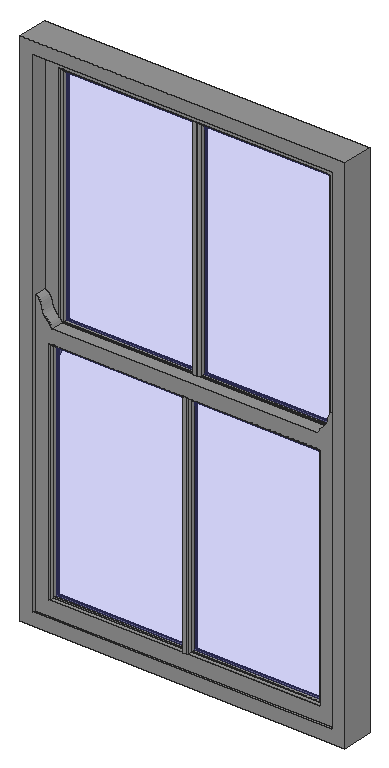
Revit family "HMS4V", category Windows, host Wall, Revit 2015
Parameters (values of type "HMS4V")
  Height = 1775 mm
  Default Lintel Height = 2100 mm
  Wall Closure = By host
  Width = 1100 mm
Reference planes
  plane 1 "Center (Front/Back)": y = 0
  plane 2 "Center (Left/Right)": x = 0
  plane 3 "Left": x = -550
  plane 4 "Right": x = 550
  plane 5 "Sill": z = 325
  plane 6 "Head": z = 2100
  plane 7 "Exterior": y = 100
  plane 8 "Interior": y = -100
  plane 9: y = -28.5
  plane 10: y = 23.5
  plane 11: z = 1212.5
  plane 12: z = 1241
  plane 13: z = 1184
Forms (mm)
  Sweep 1, solid, material "Lauan, Meranti"
    path origin (-10500, 23.5, 2100) x (0, 0, -1) y (-1, 0, 0)
      loop
        line (0, -11050) -> (1775, -11050) -> (1775, -9950) -> (0, -9950) -> (0, -11050)
    profile origin (0, 23.5, 2100) x (0, 0, 1) y (0, 1, 0)
      loop
        line (0, 29) -> (-42, 29) -> (-42, -76) -> (0, -76) -> (0, 29)
  Extrusion 2, solid, material "Lauan, Meranti"
    sketch origin (-10500, 0, 1675) x (0, 0, -1) y (-1, 0, 0)
      loop
        line (491, -10951) -> (491, -11008) -> (576, -11008)
        spline (576, -11008) -> (568.022, -10995.331) -> (558.494, -10988.581) -> (548.752, -10985.386) -> (540.116, -10983.399) -> (533.202, -10981.197) -> (527.644, -10978.636) -> (523.005, -10975.669) -> (518.783, -10972.149) -> (514.297, -10967.644) -> (508.83, -10961.691) -> (501.472, -10955.147) -> (491, -10951)
      loop
        spline (491, -10049) -> (501.472, -10044.853) -> (508.83, -10038.309) -> (514.297, -10032.356) -> (518.783, -10027.851) -> (523.005, -10024.331) -> (527.644, -10021.364) -> (533.202, -10018.803) -> (540.116, -10016.601) -> (548.752, -10014.614) -> (558.494, -10011.419) -> (568.022, -10004.669) -> (576, -9992)
        line (576, -9992) -> (491, -9992) -> (491, -10049)
    from 0 to 42
  Extrusion 3, solid, material "Lauan, Meranti"
    sketch origin (-10500, -42, 750) x (0, 0, 1) y (1, 0, 0)
      loop
        spline (491, 10951) -> (501.472, 10955.147) -> (508.83, 10961.691) -> (514.297, 10967.644) -> (518.783, 10972.149) -> (523.005, 10975.669) -> (527.644, 10978.636) -> (533.202, 10981.197) -> (540.116, 10983.399) -> (548.752, 10985.386) -> (558.494, 10988.581) -> (568.022, 10995.331) -> (576, 11008)
        line (576, 11008) -> (491, 11008) -> (491, 10951)
      loop
        line (491, 10049) -> (491, 9992) -> (576, 9992)
        spline (576, 9992) -> (568.022, 10004.669) -> (558.494, 10011.419) -> (548.752, 10014.614) -> (540.116, 10016.601) -> (533.202, 10018.803) -> (527.644, 10021.364) -> (523.005, 10024.331) -> (518.783, 10027.851) -> (514.297, 10032.356) -> (508.83, 10038.309) -> (501.472, 10044.853) -> (491, 10049)
    from 0 to 42
  Sweep 4, solid, material "Lauan, Meranti"
    path origin (-10670.807, 23.5, 1358.046) x (0, 0, -1) y (-1, 0, 0)
      loop
        line (117.046, -11178.807) -> (991.046, -11178.807) -> (991.046, -10162.807) -> (117.046, -10162.807) -> (117.046, -11178.807)
    profile origin (0, 23.5, 1241) x (0, 0, 1) y (0, 1, 0)
      loop
        line (0, -65.5) -> (0, -23.5) -> (-48, -23.5) -> (-48, -48.5) -> (-57, -48.5) -> (-57, -56.499) -> (-53.996, -56.499)
        arc (-53.996, -56.499) -> (-52.238, -60.744) -> (-47.994, -62.502) r 6.002
        line (-47.994, -62.502) -> (-47.994, -65.5) -> (0, -65.5)
  Sweep 5, solid, material "Lauan, Meranti"
    path origin (-10671.629, 23.5, 1894.103) x (0, 0, -1) y (-1, 0, 0)
      loop
        line (-163.897, -11179.629) -> (710.103, -11179.629) -> (710.103, -10163.629) -> (-163.897, -10163.629) -> (-163.897, -11179.629)
    profile origin (0, 23.5, 2058) x (0, 0, 1) y (0, 1, 0)
      loop
        line (-48, 18.5) -> (-48, -6.5) -> (-57, -6.5) -> (-57, -14.499) -> (-53.996, -14.499)
        arc (-53.996, -14.499) -> (-52.238, -18.744) -> (-47.994, -20.502) r 6.002
        line (-47.994, -20.502) -> (-47.994, -23.5) -> (0, -23.5) -> (0, 18.5) -> (-48, 18.5)
  Extrusion 6, solid, material "Lauan, Meranti"
    sketch origin (0, -23.5, -464.994) x (1, 0, 0) y (0, 1, 0)
      loop
        line (-6.5, 23.5) -> (-6.5, -1.5) -> (-15.5, -1.5) -> (-15.5, -9.5) -> (-12.5, -9.5)
        arc (-12.5, -9.5) -> (-10.743, -13.743) -> (-6.5, -15.5) r 6
        line (-6.5, -15.5) -> (-6.5, -18.5) -> (6.5, -18.5) -> (6.5, -15.5)
        arc (6.5, -15.5) -> (10.743, -13.743) -> (12.5, -9.5) r 6
        line (12.5, -9.5) -> (15.5, -9.5) -> (15.5, -1.5) -> (6.5, -1.5) -> (6.5, 23.5) -> (-6.5, 23.5)
    from 879.987 to 1658
  Extrusion 7, solid, material "Lauan, Meranti"
    sketch origin (0, 18.5, 42) x (1, 0, 0) y (0, 1, 0)
      loop
        line (-6.5, 23.5) -> (-6.5, -1.5) -> (-15.5, -1.5) -> (-15.5, -9.5) -> (-12.5, -9.5)
        arc (-12.5, -9.5) -> (-10.743, -13.743) -> (-6.5, -15.5) r 6
        line (-6.5, -15.5) -> (-6.5, -18.5) -> (6.5, -18.5) -> (6.5, -15.5)
        arc (6.5, -15.5) -> (10.743, -13.743) -> (12.5, -9.5) r 6
        line (12.5, -9.5) -> (15.5, -9.5) -> (15.5, -1.5) -> (6.5, -1.5) -> (6.5, 23.5) -> (-6.5, 23.5)
    from 1190 to 1968
  Sweep 8, solid, material "Lauan, Meranti"
    path origin (-463.766, 100, -560.916) x (1, 0, 0) y (0, 0, 1)
      loop
        line (457.266, 2570.916) -> (3.766, 2570.916) -> (3.766, 1792.916) -> (457.266, 1792.916) -> (457.266, 2570.916)
    profile origin (-233.25, 100, 2010) x (0, 0, -1) y (0, -1, 0)
      loop
        arc (0, 68.6) -> (4.67, 70.234) -> (7, 74.6) r 6.807
        line (7, 74.6) -> (9, 74.6) -> (9, 76.6) -> (0, 76.6) -> (0, 68.6)
  Sweep 9, solid, material "Lauan, Meranti"
    path origin (-355.883, 100, -1134.948) x (1, 0, 0) y (0, 0, 1)
      loop
        line (349.383, 2327.954) -> (-104.123, 2327.954) -> (-104.123, 1549.942) -> (349.383, 1549.942) -> (349.383, 2327.954)
    profile origin (-233.253, 100, 1193.006) x (0, 0, -1) y (0, -1, 0)
      loop
        arc (0, 110.6) -> (4.67, 112.234) -> (7, 116.6) r 6.807
        line (7, 116.6) -> (9, 116.6) -> (9, 118.6) -> (0, 118.6) -> (0, 110.6)
  Sweep 10, solid, material "Lauan, Meranti"
    path origin (463.766, 100, -560.916) x (-1, 0, 0) y (0, 0, -1)
      loop
        line (457.266, -2570.916) -> (457.266, -1792.916) -> (3.766, -1792.916) -> (3.766, -2570.916) -> (457.266, -2570.916)
    profile origin (233.25, 100, 2010) x (0, 0, 1) y (0, -1, 0)
      loop
        line (0, 68.6) -> (0, 76.6) -> (-9, 76.6) -> (-9, 74.6) -> (-7, 74.6)
        arc (-7, 74.6) -> (-4.67, 70.234) -> (0, 68.6) r 6.807
  Sweep 11, solid, material "Lauan, Meranti"
    path origin (355.883, 100, -1134.948) x (-1, 0, 0) y (0, 0, -1)
      loop
        line (349.383, -2327.954) -> (349.383, -1549.942) -> (-104.123, -1549.942) -> (-104.123, -2327.954) -> (349.383, -2327.954)
    profile origin (233.253, 100, 1193.006) x (0, 0, 1) y (0, -1, 0)
      loop
        line (0, 110.6) -> (0, 118.6) -> (-9, 118.6) -> (-9, 116.6) -> (-7, 116.6)
        arc (-7, 116.6) -> (-4.67, 112.234) -> (0, 110.6) r 6.807
  Extrusion 12, solid, material "Glass"
    sketch origin (-10697.216, 17, 1835.091) x (0, 0, -1) y (-1, 0, 0)
      loop
        line (-174.909, -11157.216) -> (603.091, -11157.216) -> (603.091, -10703.716) -> (-174.909, -10703.716) -> (-174.909, -11157.216)
      loop
        line (-174.909, -10690.716) -> (603.091, -10690.716) -> (603.091, -10237.216) -> (-174.909, -10237.216) -> (-174.909, -10690.716)
    from 0 to 6.4
  Extrusion 13, solid, material "Glass"
    sketch origin (-10712.117, -25, 1057.245) x (0, 0, -1) y (-1, 0, 0)
      loop
        line (-135.762, -11172.123) -> (642.251, -11172.123) -> (642.251, -10718.617) -> (-135.762, -10718.617) -> (-135.762, -11172.123)
      loop
        line (-135.762, -10705.617) -> (642.251, -10705.617) -> (642.251, -10252.11) -> (-135.762, -10252.11) -> (-135.762, -10705.617)
    from 0 to 6.4
Cuts and joins
  joined: Extrusion 3, Sweep 4
  joined: Extrusion 2, Sweep 5
Lines and regions (mm)
  Opening 1
    outline origin (3500, -100, 0) x (1, 0, 0) y (0, 0, 1)
      loop
        line (-2950, 325) -> (-2950, 2100) -> (-4050, 2100) -> (-4050, 325) -> (-2950, 325)
  model lines
    curve 1: line (508, 42, 2058) -> (0, 42, 1184)
    curve 2: line (-508, 42, 2058) -> (0, 42, 1184)
Text (mm)
  text "EXTERIOR" at (-1963.203, 1332.353, 0), in view "Ref. Level"
  text "INTERIOR" at (-1981.466, -818.386, 0), in view "Ref. Level"
  text "Exterior" at (0, 923.751, 2943.296), in view "Right"
  text "Exterior" at (0, 1040.484, 2685.409), in view "Left"
Dimensions and locks
  equal spacing: plane 3 "Left", plane 2 "Center (Left/Right)", plane 4 "Right"
  "Width": plane 3 "Left" to plane 4 "Right"
  "Height": plane 5 "Sill" to plane 6 "Head"
  "Default Lintel Height": plane 6 "Head" to level
  locked: plane 7 "Exterior" to host wall at 0
  locked: plane 8 "Interior" to host wall
  locked: plane 10 to plane 9 at 52
  plane 3 "Left" to plane 4 "Right" = 1100 mm
  aligned and locked: Sweep 1 sketch curve to host wall  (x4)
  aligned and locked: Sweep 4 sketch curve to plane 12
  aligned and locked: plane 13 to Sweep 5 sketch curve
  aligned and locked: Sweep 9 sketch curve to Extrusion 6
  aligned and locked: Sweep 8 sketch curve to Extrusion 7
  aligned and locked: Extrusion 6 to cut or joined group of Extrusion 3, Sweep 4
  aligned and locked: Extrusion 7 to cut or joined group of Extrusion 2, Sweep 5
  aligned and locked: Sweep 8 sketch curve to cut or joined group of Extrusion 2, Sweep 5
  aligned and locked: cut or joined group of Extrusion 2, Sweep 5 to Sweep 10 sketch curve
  aligned and locked: Sweep 9 sketch curve to cut or joined group of Extrusion 3, Sweep 4
  aligned and locked: Sweep 11 sketch curve to cut or joined group of Extrusion 3, Sweep 4
  aligned and locked: Extrusion 12 sketch curve to Extrusion 12 sketch curve
  aligned and locked: Extrusion 13 sketch curve to Extrusion 13 sketch curve  (x2)
  aligned and locked: Extrusion 13 to cut or joined group of Extrusion 3, Sweep 4
  aligned and locked: Extrusion 12 to cut or joined group of Extrusion 2, Sweep 5
Automatic sketch dimensions
  plane 3 "Left" to Opening 1 sketch curve = 0 mm
  plane 4 "Right" to Opening 1 sketch curve = 0 mm
  Opening 1 sketch curve to plane 5 "Sill" = 0 mm
  Opening 1 sketch curve to plane 6 "Head" = 0 mm
  profile plane to Sweep 1 sketch curve = 0 mm
  profile plane to Sweep 1 sketch curve = 42 mm
  Sweep 1 sketch curve to plane 10 = 76 mm
  plane 10 to Sweep 1 sketch curve = 29 mm
  plane 2 "Center (Left/Right)" to curve 1 = 0 mm
  curve 1 to plane 13 = 0 mm
  curve 2 to plane 3 "Left" = 42 mm
  plane 4 "Right" to curve 1 = 42 mm
  plane 6 "Head" to curve 2 = 42 mm
  plane 6 "Head" to curve 1 = 42 mm
  Extrusion 2 sketch curve to plane 13 = 0 mm  (x2)
  Extrusion 2 sketch curve to plane 3 "Left" = 42 mm
  Extrusion 2 sketch curve to plane 13 = 85 mm  (x2)
  plane 4 "Right" to Extrusion 2 sketch curve = 42 mm
  Extrusion 2 sketch curve to Extrusion 2 sketch curve = 57 mm  (x2)
  Extrusion 3 sketch curve to plane 12 = 0 mm  (x2)
  Extrusion 3 sketch curve to plane 3 "Left" = 42 mm
  plane 12 to Extrusion 3 sketch curve = 85 mm  (x2)
  plane 4 "Right" to Extrusion 3 sketch curve = 42 mm
  Extrusion 3 sketch curve to Extrusion 3 sketch curve = 57 mm  (x2)
  Sweep 4 sketch curve to plane 5 "Sill" = 42 mm
  plane 4 "Right" to Sweep 4 sketch curve = 42 mm
  Sweep 4 sketch curve to plane 3 "Left" = 42 mm
  profile plane to Sweep 4 sketch curve = 0 mm
  Sweep 4 sketch curve to Sweep 4 sketch curve = 47.994 mm
  Sweep 4 sketch curve to Sweep 4 sketch curve = 0.006 mm
  Sweep 4 sketch curve to Sweep 4 sketch curve = 6.002 mm
  Sweep 4 sketch curve to Sweep 4 sketch curve = 3.004 mm
  Sweep 4 sketch curve to profile plane = 65.5 mm
  Sweep 4 sketch curve to Sweep 4 sketch curve = 2.998 mm
  Sweep 4 sketch curve to Sweep 4 sketch curve = 7.999 mm
  Sweep 4 sketch curve to profile plane = 23.5 mm
  plane 6 "Head" to Sweep 5 sketch curve = 42 mm
  plane 4 "Right" to Sweep 5 sketch curve = 42 mm
  Sweep 5 sketch curve to plane 3 "Left" = 42 mm
  profile plane to Sweep 5 sketch curve = 0 mm
  Sweep 5 sketch curve to profile plane = 23.5 mm
  profile plane to Sweep 5 sketch curve = 47.994 mm
  Sweep 5 sketch curve to Sweep 5 sketch curve = 0.006 mm
  Sweep 5 sketch curve to Sweep 5 sketch curve = 6.002 mm
  Sweep 5 sketch curve to Sweep 5 sketch curve = 3.004 mm
  Sweep 5 sketch curve to Sweep 5 sketch curve = 2.998 mm
  Sweep 5 sketch curve to profile plane = 6.5 mm
  profile plane to Sweep 5 sketch curve = 18.5 mm
  host wall to Extrusion 6 sketch curve = 0 mm
  Extrusion 6 sketch curve to plane 9 = 4.5 mm
  plane 2 "Center (Left/Right)" to Extrusion 6 sketch curve = 15.5 mm
  Extrusion 6 sketch curve to Extrusion 6 sketch curve = 3 mm  (x3)
  plane 2 "Center (Left/Right)" to Extrusion 6 sketch curve = 6.5 mm  (x2)
  Extrusion 6 sketch curve to plane 2 "Center (Left/Right)" = 6.5 mm  (x2)
  Extrusion 6 sketch curve to Extrusion 6 sketch curve = 6 mm
  plane 9 to Extrusion 6 sketch curve = 3.5 mm  (x2)
  Extrusion 6 sketch curve to plane 9 = 10.5 mm
  host wall to Extrusion 7 sketch curve = 0 mm
  plane 2 "Center (Left/Right)" to Extrusion 7 sketch curve = 15.5 mm
  Extrusion 7 sketch curve to Extrusion 7 sketch curve = 3 mm  (x3)
  plane 2 "Center (Left/Right)" to Extrusion 7 sketch curve = 6.5 mm  (x2)
  Extrusion 7 sketch curve to host wall = 3 mm
  Extrusion 7 sketch curve to plane 2 "Center (Left/Right)" = 6.5 mm  (x2)
  Extrusion 7 sketch curve to Extrusion 7 sketch curve = 6 mm
  Extrusion 7 sketch curve to plane 10 = 6.5 mm  (x2)
  plane 10 to Extrusion 7 sketch curve = 18.5 mm
  Sweep 8 sketch curve to plane 12 = 9 mm
  Sweep 8 sketch curve to plane 3 "Left" = 90 mm
  Sweep 8 sketch curve to profile plane = 0 mm
  Sweep 8 sketch curve to profile plane = 0.241 mm
  Sweep 8 sketch curve to Sweep 8 sketch curve = 6.759 mm
  Sweep 8 sketch curve to Sweep 8 sketch curve = 2 mm  (x2)
  profile plane to Sweep 8 sketch curve = 68.6 mm
  Sweep 8 sketch curve to Sweep 8 sketch curve = 6 mm
  Sweep 9 sketch curve to plane 3 "Left" = 89.994 mm
  plane 13 to Sweep 9 sketch curve = 9.006 mm
  Sweep 9 sketch curve to profile plane = 0 mm
  Sweep 9 sketch curve to profile plane = 0.241 mm
  Sweep 9 sketch curve to Sweep 9 sketch curve = 6.759 mm
  Sweep 9 sketch curve to Sweep 9 sketch curve = 2 mm  (x2)
  profile plane to Sweep 9 sketch curve = 110.6 mm
  Sweep 9 sketch curve to Sweep 9 sketch curve = 6 mm
  plane 4 "Right" to Sweep 10 sketch curve = 90 mm
  Sweep 10 sketch curve to plane 2 "Center (Left/Right)" = 6.5 mm
  Sweep 10 sketch curve to plane 12 = 9 mm
  profile plane to Sweep 10 sketch curve = 0 mm
  profile plane to Sweep 10 sketch curve = 0.241 mm
  Sweep 10 sketch curve to Sweep 10 sketch curve = 6.759 mm
  Sweep 10 sketch curve to Sweep 10 sketch curve = 2 mm  (x2)
  profile plane to Sweep 10 sketch curve = 68.6 mm
  Sweep 10 sketch curve to Sweep 10 sketch curve = 6 mm
  plane 13 to Sweep 11 sketch curve = 9.006 mm
  plane 4 "Right" to Sweep 11 sketch curve = 89.994 mm
  Sweep 11 sketch curve to plane 2 "Center (Left/Right)" = 6.5 mm
  profile plane to Sweep 11 sketch curve = 0 mm
  profile plane to Sweep 11 sketch curve = 0.241 mm
  Sweep 11 sketch curve to Sweep 11 sketch curve = 6.759 mm
  Sweep 11 sketch curve to Sweep 11 sketch curve = 2 mm  (x2)
  profile plane to Sweep 11 sketch curve = 110.6 mm
  Sweep 11 sketch curve to Sweep 11 sketch curve = 6 mm
  plane 4 "Right" to Extrusion 12 sketch curve = 90 mm
  plane 6 "Head" to Extrusion 12 sketch curve = 90 mm
  Extrusion 12 sketch curve to plane 12 = 9 mm  (x2)
  Extrusion 12 sketch curve to plane 2 "Center (Left/Right)" = 6.5 mm
  plane 2 "Center (Left/Right)" to Extrusion 12 sketch curve = 6.5 mm
  Extrusion 12 sketch curve to plane 3 "Left" = 90 mm
  plane 13 to Extrusion 13 sketch curve = 9.006 mm
  plane 4 "Right" to Extrusion 13 sketch curve = 89.994 mm
  Extrusion 13 sketch curve to plane 5 "Sill" = 89.994 mm
  Extrusion 13 sketch curve to plane 2 "Center (Left/Right)" = 6.5 mm
  plane 2 "Center (Left/Right)" to Extrusion 13 sketch curve = 6.5 mm
  Extrusion 13 sketch curve to plane 3 "Left" = 89.994 mm
